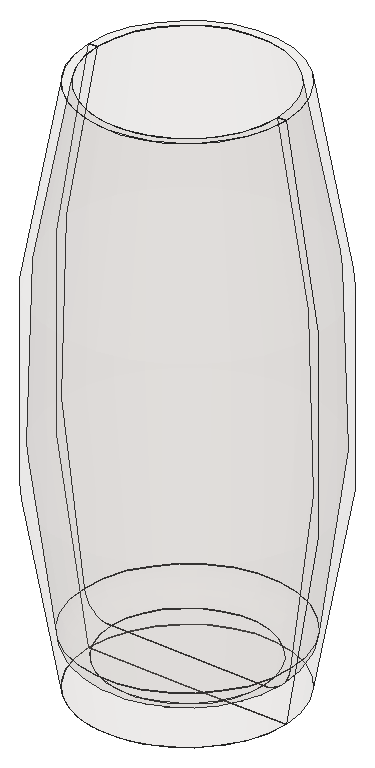
Revit family "Vaso de vidro", category Furniture, Revit 2016
Family settings
  OmniClass Number = 23.40.20.00
  OmniClass Title = General Furniture and Specialties
  Work Plane-Based = No
  Always vertical = Yes
  Cut with Voids When Loaded = No
  Shared = No
  Room Calculation Point = No
Parameters
  Vaso Salgado filho [instance] = Vaso Salgado FIlho
  Raio [instance] = 50 mm
  Altura [instance] = 200 mm
Reference planes
  plane 1 "Centro (Frente/Trás)": y = 0
  plane 2: z = 0
  plane 3 "Centro (Esquerda/Direita)": x = 0
  plane 4: z = 200
Forms (mm)
  Revolve 1, solid, material "Vaso Salgado FIlho" <- "Vaso Salgado filho"
    sketch origin (0, 0, 0) x (1, 0, 0) y (0, 0, 1)
      loop
        line (0, 0) -> (36.504, 0)
        arc (36.504, 0) -> (50, 100) -> (36.504, 200) r 377.225
        line (36.504, 200) -> (33.388, 200)
        arc (33.388, 200) -> (46.867, 109.823) -> (38.139, 19.062) r 374.221
        arc (38.139, 19.062) -> (34.914, 12.605) -> (28.183, 10) r 10
        line (28.183, 10) -> (0, 10) -> (0, 0)
      axis (0, 200) -> (0, 0)
    angle from 0 to 360
Dimensions and locks
  "Raio": Revolve 1 sketch curve to plane 3 "Centro (Esquerda/Direita)"
  locked: Revolve 1 sketch curve to Revolve 1 sketch curve at 3.116
  "Altura": plane 4 to level
  aligned and locked: level to plane 2
  aligned and locked: Revolve 1 sketch curve to plane 4
Automatic sketch dimensions
  Revolve 1 sketch curve to Revolve 1 sketch curve = 0 mm  (x2)
  Revolve 1 sketch curve to plane 3 "Centro (Esquerda/Direita)" = 0 mm  (x2)
  Revolve 1 sketch curve to level = 0 mm
  level to Revolve 1 sketch curve = 100 mm
  Revolve 1 sketch curve to plane 3 "Centro (Esquerda/Direita)" = 327.225 mm
  Revolve 1 sketch curve to Revolve 1 sketch curve = 8.321 mm
  level to Revolve 1 sketch curve = 10 mm
  Revolve 1 sketch curve to Revolve 1 sketch curve = 10 mm
  Revolve 1 sketch curve to level = 350 mm
  Revolve 1 sketch curve to Revolve 1 sketch curve = 70 mm
